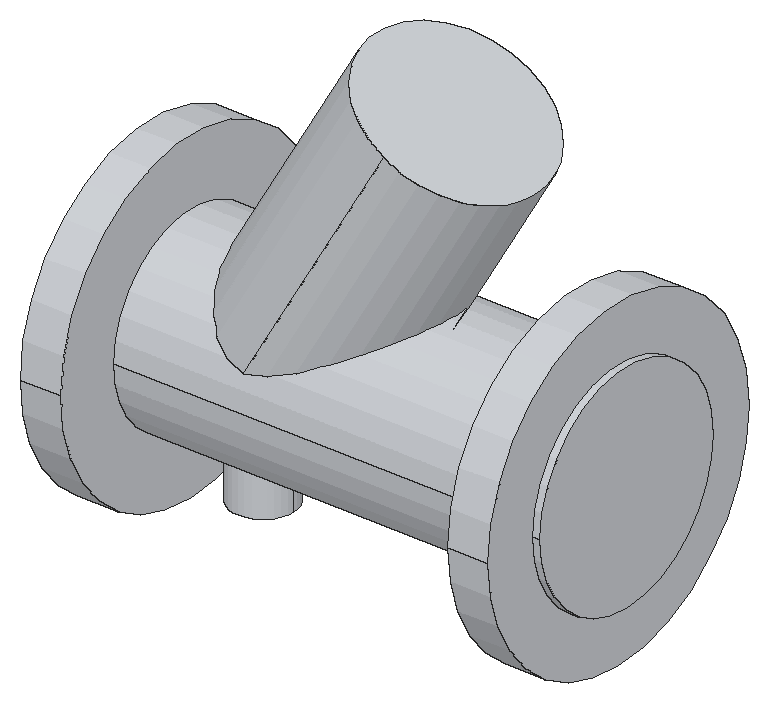
Revit family "HS 821-síto_standard-PN25-DN100-RFA_2019", category Pipe Accessories, Revit 2019
Family settings
  Round Connector Dimension = Use Diameter
  Part Type = Breaks Into
  Work Plane-Based = No
  Always vertical = Yes
  Cut with Voids When Loaded = No
  Shared = No
Parameters (values of type "821D-DN100-PN25-síto_standard")
  magiProductId = "175ca87a506b40b3bc6b82f12f33cf"
  magiProductFamilyId = "79214ac3aaa945e397802f559f5c1e"
  magiPartTypeId = 307
  isMeasuringValve [instance] = no
  ang2D [instance] = 0.00°
  ZB__ve = -ZB  # -37.25 mm
  ZB1 = 63.18 mm
  ZB = 37.25 mm
  X2 = 114.857 mm
  X1 = 49 mm
  W2D = 15 mm
  VersionID = "2.0/2017.9.26.1/ZETKAMA_821_001"
  Use Minimum Symbol Size [instance] = yes
  URL = "www.hydronic.cz"
  Type Comments = "Filtr přírubový; síto standardní; A-PN16 (-10~300°C); D-PN25 (-10~350°C); F-PN40 (-10~400°C)"
  S = 156 mm
  QmdConnectorList = "301;D;302;D"
  Productdata [instance] = ""
  Manufacturer = "Hydronic Systems Prague s.r.o."
  MC Product Code = "200 290 (821D; DN100; PN25; kvs209,6; oko síta 1,60mm)"
  LM1 = 28 mm
  LM = 280 mm
  L4 = 87.5 mm
  L2D_Min = 3048 mm
  L2D = 130 mm
  L2 = 175 mm
  HH2 = 198.937 mm
  FD = 235 mm
  Description = "Filtr přírubový; síto standardní; 821A-PN16; 821D-PN25; 821F-PN40"
  DM1 = 131.4 mm
  DM = 140.4 mm
  D = 100 mm
  CC = 5.95 mm
  CAT0 = yes
  C1 = 29.05 mm
  C = 35 mm
  BD = 44.226 mm
Types (40, lengths in mm): name | magiProductId | ZB__ve | ZB1 | ZB | X2 | X1 | S | MC Product Code | LM1 | LM | L4 | L2 | HH2 | FD | DM1 | DM | D | CC | C1 | C | BD
  821A-DN015-PN16-síto_standard | "a71bcfe8b393460598b23e8ddf7dc5" | -16.25 | 18.63 | 16.25 | 46.982 | 18.2 | 46 | "200 115 (821A; DN015; PN16; kvs6,3; oko síta 1,00mm)" | 10.4 | 104 | 32.5 | 65 | 81.375 | 95 | 27.6 | 41.4 | 15 | 2.21 | 10.79 | 13 | 13.041
  821A-DN020-PN16-síto_standard | "41cd6c7a12924f4991217528336076" | -17.75 | 22.68 | 17.75 | 51.673 | 21 | 56 | "200 120 (821A; DN020; PN16; kvs11,2; oko síta 1,00mm)" | 12 | 120 | 37.5 | 75 | 89.5 | 105 | 33.6 | 50.4 | 20 | 2.55 | 12.45 | 15 | 15.876
  821A-DN025-PN16-síto_standard | "be378b463ed14c3abf4c9b3ae8cf3a" | -19.25 | 26.325 | 19.25 | 58.601 | 22.4 | 65 | "200 125 (821A; DN025; PN16; kvs14,7; oko síta 1,00mm)" | 12.8 | 128 | 40 | 80 | 101.5 | 115 | 43.2 | 58.5 | 25 | 2.72 | 13.28 | 16 | 18.427
  821A-DN032-PN16-síto_standard | "227a0d18b21540afabe8b6067d35fa" | -23 | 30.78 | 23 | 68.849 | 25.2 | 76 | "200 132 (821A; DN032; PN16; kvs23,7; oko síta 1,00mm)" | 14.4 | 144 | 45 | 90 | 119.25 | 140 | 50.4 | 68.4 | 32 | 3.06 | 14.94 | 18 | 21.546
  821A-DN040-PN16-síto_standard | "d106917c74724141a10440112d0102" | -24.5 | 34.02 | 24.5 | 75.777 | 28 | 84 | "200 140 (821A; DN040; PN16; kvs37,7; oko síta 1,00mm)" | 16 | 160 | 50 | 100 | 131.25 | 150 | 60 | 75.6 | 40 | 3.4 | 16.6 | 20 | 23.814
  821A-DN050-PN16-síto_standard | "8255d456a09e4f6486734f5dd9171b" | -26.75 | 40.095 | 26.75 | 79.061 | 32.2 | 99 | "200 150 (821A; DN050 PN16; kvs57,9; oko síta 1,00mm)" | 18.4 | 184 | 57.5 | 115 | 136.938 | 165 | 73.8 | 89.1 | 50 | 3.91 | 19.09 | 23 | 28.066
  821A-DN065-PN16-síto_standard | "235b1b3e4c0843779a4d5e3716d40a" | -29.75 | 47.79 | 29.75 | 86.927 | 40.6 | 118 | "200 165 (821A; DN065; PN16; kvs101,5; oko síta 1,25mm)" | 23.2 | 232 | 72.5 | 145 | 150.562 | 185 | 94.2 | 106.2 | 65 | 4.93 | 24.07 | 29 | 33.453
  821A-DN080-PN16-síto_standard | "a067f7c5236348ed8c820d16df7214" | -32 | 53.46 | 32 | 104.753 | 43.4 | 132 | "200 180 (821A; DN080; PN16; kvs147,4; oko síta 1,25mm)" | 24.8 | 248 | 77.5 | 155 | 181.438 | 200 | 107.4 | 118.8 | 80 | 5.27 | 25.73 | 31 | 37.422
  821A-DN100-PN16-síto_standard | "c49a648c2747461285837d643703cd" | -35 | 63.18 | 35 | 114.857 | 49 | 156 | "200 190 (821A; DN100; PN16; kvs209,6; oko síta 1,60mm)" | 28 | 280 | 87.5 | 175 | 198.937 | 220 | 131.4 | 140.4 | 100 | 5.95 | 29.05 | 35 | 44.226
  821A-DN125-PN16-síto_standard | "bf68e728a163493cbd2a663b26ebdc" | -39.5 | 74.52 | 39.5 | 131.888 | 56 | 184 | "200 191 (821A; DN125; PN16; kvs326,2; oko síta 1,60mm)" | 32 | 320 | 100 | 200 | 228.438 | 250 | 165 | 165.6 | 125 | 6.8 | 33.2 | 40 | 52.164
  821A-DN150-PN16-síto_standard | "2de770284b654863ae6bc865769dc5" | -44.75 | 85.455 | 44.75 | 155.885 | 67.2 | 211 | "200 192 (821A; DN150; PN16; kvs403; oko síta 1,60mm)" | 38.4 | 384 | 120 | 240 | 270 | 285 | 192 | 189.9 | 150 | 8.16 | 39.84 | 48 | 59.818
  821A-DN200-PN16-síto_standard | "8e5693371ab64aabb29a7f08c76e15" | -53 | 107.73 | 53 | 188.361 | 84 | 266 | "200 193 (821A; DN200; PN16; kvs707; oko síta 1,60mm)" | 48 | 480 | 150 | 300 | 326.25 | 340 | 252 | 239.4 | 200 | 10.2 | 49.8 | 60 | 75.411
  821A-DN250-PN16-síto_standard | "05e37ed948c34047acdd4c42556504" | -62.75 | 129.195 | 62.75 | 255.911 | 102.2 | 319 | "200 194 (821A; DN250; PN16; kvs1234; oko síta 1,60mm)" | 58.4 | 584 | 182.5 | 365 | 443.25 | 405 | 309.6 | 287.1 | 250 | 12.41 | 60.59 | 73 | 90.436
  821A-DN300-PN16-síto_standard | "9ad0af747269428da925480d83ce80" | -71 | 149.85 | 71 | 325.914 | 119 | 370 | "200 195 (821A; DN300; PN16; kvs1916; oko síta 1,60mm)" | 68 | 680 | 212.5 | 425 | 564.5 | 460 | 369.6 | 333 | 300 | 14.45 | 70.55 | 85 | 104.895
  821A-DN350-PN16-síto_standard | "eebc71459bb3451bb4355e7951370a" | -80 | 173.745 | 80 | 356.875 | 137.2 | 429 | "200 196 (821A; DN350; PN16; kvs2621; oko síta 1,60mm)" | 78.4 | 784 | 245 | 490 | 618.125 | 520 | 438 | 386.1 | 350 | 16.66 | 81.34 | 98 | 121.621
  821A-DN400-PN16-síto_standard | "d2f677cb196647e385b2590e7d8abe" | -89 | 194.4 | 89 | 392.237 | 154 | 480 | "200 197 (821A; DN400; PN16; kvs3460; oko síta 1,60mm)" | 88 | 880 | 275 | 550 | 679.375 | 580 | 498 | 432 | 400 | 18.7 | 91.3 | 110 | 136.08
  821D-DN015-PN25-síto_standard | "27ddcbf555414f8ca1fde329bf9087" | -16.25 | 18.63 | 16.25 | 46.982 | 18.2 | 46 | "200 215 (821D; DN015; PN25; kvs6,3; oko síta 1,00mm)" | 10.4 | 104 | 32.5 | 65 | 81.375 | 95 | 27.6 | 41.4 | 15 | 2.21 | 10.79 | 13 | 13.041
  821D-DN020-PN25-síto_standard | "270e0f14012f47189cd0235c18faee" | -17.75 | 22.68 | 17.75 | 51.673 | 21 | 56 | "200 220 (821D; DN020; PN25; kvs11,2; oko síta 1,00mm)" | 12 | 120 | 37.5 | 75 | 89.5 | 105 | 33.6 | 50.4 | 20 | 2.55 | 12.45 | 15 | 15.876
  821D-DN025-PN25-síto_standard | "b9a7fb4aa36643878c637d8e1ab992" | -19.25 | 26.325 | 19.25 | 58.601 | 22.4 | 65 | "200 225 (821D; DN025; PN25; kvs14,7; oko síta 1,00mm)" | 12.8 | 128 | 40 | 80 | 101.5 | 115 | 43.2 | 58.5 | 25 | 2.72 | 13.28 | 16 | 18.427
  821D-DN032-PN25-síto_standard | "6be9a55c4e68400f94eec7e804204c" | -23 | 30.78 | 23 | 68.849 | 25.2 | 76 | "200 232 (821D; DN032; PN25; kvs23,7; oko síta 1,00mm)" | 14.4 | 144 | 45 | 90 | 119.25 | 140 | 50.4 | 68.4 | 32 | 3.06 | 14.94 | 18 | 21.546
  821D-DN040-PN25-síto_standard | "c54511bd7f584ec2984291479612cb" | -24.5 | 34.02 | 24.5 | 75.777 | 28 | 84 | "200 240 (821D; DN040; PN25; kvs37,7; oko síta 1,00mm)" | 16 | 160 | 50 | 100 | 131.25 | 150 | 60 | 75.6 | 40 | 3.4 | 16.6 | 20 | 23.814
  821D-DN050-PN25-síto_standard | "5483b1f596b04cd39b23a14a22c90e" | -26.75 | 40.095 | 26.75 | 79.061 | 32.2 | 99 | "200 250 (821D; DN050; PN25; kvs57,9; oko síta 1,00mm)" | 18.4 | 184 | 57.5 | 115 | 136.938 | 165 | 73.8 | 89.1 | 50 | 3.91 | 19.09 | 23 | 28.066
  821D-DN065-PN25-síto_standard | "767b0f8318e94750bc7a9930ed5b30" | -29.75 | 47.79 | 29.75 | 86.927 | 40.6 | 118 | "200 265 (821D; DN065; PN25; kvs101,5; oko síta 1,25mm)" | 23.2 | 232 | 72.5 | 145 | 150.562 | 185 | 94.2 | 106.2 | 65 | 4.93 | 24.07 | 29 | 33.453
  821D-DN080-PN25-síto_standard | "e21040fa3cc2404b858198f6b73709" | -32 | 53.46 | 32 | 104.753 | 43.4 | 132 | "200 280 (821D; DN080; PN25; kvs147,4; oko síta 1,25mm)" | 24.8 | 248 | 77.5 | 155 | 181.438 | 200 | 107.4 | 118.8 | 80 | 5.27 | 25.73 | 31 | 37.422
  821D-DN100-PN25-síto_standard | "175ca87a506b40b3bc6b82f12f33cf" | -37.25 | 63.18 | 37.25 | 114.857 | 49 | 156 | "200 290 (821D; DN100; PN25; kvs209,6; oko síta 1,60mm)" | 28 | 280 | 87.5 | 175 | 198.937 | 235 | 131.4 | 140.4 | 100 | 5.95 | 29.05 | 35 | 44.226
  821D-DN125-PN25-síto_standard | "77cc98d60da24855999a22dff726b2" | -42.5 | 74.52 | 42.5 | 131.888 | 56 | 184 | "200 291 (821D; DN125; PN25; kvs326,2; oko síta 1,60mm)" | 32 | 320 | 100 | 200 | 228.438 | 270 | 165 | 165.6 | 125 | 6.8 | 33.2 | 40 | 52.164
  821D-DN150-PN25-síto_standard | "9cf8acfcd15547d68e83172d3abcbe" | -47 | 85.455 | 47 | 155.885 | 67.2 | 211 | "200 292 (821D; DN150; PN25; kvs403; oko síta 1,60mm)" | 38.4 | 384 | 120 | 240 | 270 | 300 | 192 | 189.9 | 150 | 8.16 | 39.84 | 48 | 59.818
  821D-DN200-PN25-síto_standard | "16973f3c9ea14389ba8602495a6b64" | -56 | 110.97 | 56 | 188.361 | 84 | 274 | "200 293 (821D; DN200; PN25; kvs707; oko síta 1,60mm)" | 48 | 480 | 150 | 300 | 326.25 | 360 | 252 | 246.6 | 200 | 10.2 | 49.8 | 60 | 77.679
  821F-DN015-PN40-síto_standard | "4c7eaf3c4c0340888b3e684d8a8616" | -16.25 | 18.225 | 16.25 | 46.982 | 18.2 | 45 | "240 615 (821F; DN015; PN40; kvs6,3; oko síta 1,00mm)" | 10.4 | 104 | 32.5 | 65 | 81.375 | 95 | 27.6 | 40.5 | 15 | 2.21 | 10.79 | 13 | 12.757
  821F-DN020-PN40-síto_standard | "aaac5f1ec96b44d6ba96ac2293d66d" | -17.75 | 23.49 | 17.75 | 51.673 | 21 | 58 | "240 620 (821F; DN020; PN40; kvs11,2; oko síta 1,00mm)" | 12 | 120 | 37.5 | 75 | 89.5 | 105 | 33.6 | 52.2 | 20 | 2.55 | 12.45 | 15 | 16.443
  821F-DN025-PN40-síto_standard | "504768023968471481789485b54c7e" | -19.25 | 27.54 | 19.25 | 58.601 | 22.4 | 68 | "240 625 (821F; DN025; PN40; kvs14,7; oko síta 1,00mm)" | 12.8 | 128 | 40 | 80 | 101.5 | 115 | 43.2 | 61.2 | 25 | 2.72 | 13.28 | 16 | 19.278
  821F-DN032-PN40-síto_standard | "165e7f39cf744f329bdf1c400dad12" | -23 | 31.59 | 23 | 68.849 | 25.2 | 78 | "240 632 (821F; DN032; PN40; kvs23,7; oko síta 1,00mm)" | 14.4 | 144 | 45 | 90 | 119.25 | 140 | 50.4 | 70.2 | 32 | 3.06 | 14.94 | 18 | 22.113
  821F-DN040-PN40-síto_standard | "b8903f952089408fbf3a5a632bab1f" | -24.5 | 35.64 | 24.5 | 75.777 | 28 | 88 | "240 640 (821F; DN040; PN40; kvs37,7; oko síta 1,00mm)" | 16 | 160 | 50 | 100 | 131.25 | 150 | 60 | 79.2 | 40 | 3.4 | 16.6 | 20 | 24.948
  821F-DN050-PN40-síto_standard | "c451f97266fe48da8f879cb6a2bd44" | -26.75 | 41.31 | 26.75 | 79.061 | 32.2 | 102 | "240 650 (821F; DN050; PN40; kvs57,9; oko síta 1,00mm)" | 18.4 | 184 | 57.5 | 115 | 136.938 | 165 | 73.8 | 91.8 | 50 | 3.91 | 19.09 | 23 | 28.917
  821F-DN065-PN40-síto_standard | "dc9821e3f9b34e128f6a8c6b34c198" | -29.75 | 49.41 | 29.75 | 86.927 | 40.6 | 122 | "240 665 (821F; DN065; PN40; kvs101,5; oko síta 1,25mm)" | 23.2 | 232 | 72.5 | 145 | 150.562 | 185 | 94.2 | 109.8 | 65 | 4.93 | 24.07 | 29 | 34.587
  821F-DN080-PN40-síto_standard | "689aa1e260f84cf4994f027a1d86b5" | -32 | 55.89 | 32 | 104.753 | 43.4 | 138 | "240 680 (821F; DN080; PN40; kvs147,4; oko síta 1,25mm)" | 24.8 | 248 | 77.5 | 155 | 181.438 | 200 | 107.4 | 124.2 | 80 | 5.27 | 25.73 | 31 | 39.123
  821F-DN100-PN40-síto_standard | "8a45d4e8e2ab425f8c432f21d684f3" | -37.25 | 65.61 | 37.25 | 114.857 | 49 | 162 | "240 690 (821F; DN100; PN40; kvs209,6; oko síta 1,6mm)" | 28 | 280 | 87.5 | 175 | 198.937 | 235 | 131.4 | 145.8 | 100 | 5.95 | 29.05 | 35 | 45.927
  821F-DN125-PN40-síto_standard | "cf073904c006406b8645afa67ea2fc" | -42.5 | 76.14 | 42.5 | 131.888 | 56 | 188 | "240 691 (821F; DN125; PN40; kvs326,2; oko síta 1,6mm)" | 32 | 320 | 100 | 200 | 228.438 | 270 | 165 | 169.2 | 125 | 6.8 | 33.2 | 40 | 53.298
  821F-DN150-PN40-síto_standard | "0153b9ddabe14992a630484929fdbc" | -47 | 88.29 | 47 | 155.885 | 67.2 | 218 | "240 692 (821F; DN150; PN40; kvs403; oko síta 1,6mm)" | 38.4 | 384 | 120 | 240 | 270 | 300 | 192 | 196.2 | 150 | 8.16 | 39.84 | 48 | 61.803
  821F-DN200-PN40-síto_standard | "7fb3fc01dd8d42428c203e3f8dd4d5" | -56 | 115.425 | 56 | 188.361 | 84 | 285 | "240 693 (821F; DN200; PN40; kvs707; oko síta 1,6mm)" | 48 | 480 | 150 | 300 | 326.25 | 360 | 252 | 256.5 | 200 | 10.2 | 49.8 | 60 | 80.797
Reference planes
  plane 1 "Center (Front/Back)": y = 0
  plane 2 "XYPLANE": z = 0
  plane 3 "Center (Left/Right)": x = 0
  plane 4 "109": x = -112
  plane 5 "108": x = 140
  plane 6 "107": x = -140
  plane 7 "105": x = 175
  plane 8 "104": x = -175
  plane 9 "103": y = 0
  plane 10 "102": z = 0
  plane 11 "101": x = -169.05
  plane 12 "100": x = 169.05
  plane 13 "11": x = -63
  plane 14 "10": z = 198.937
  plane 15 "9": x = 51.857
  plane 16 "5": z = -63.18
  plane 17 "4": x = -87.5
  plane 18 "1": x = 87.5
Forms (mm)
  Extrusion 1, solid, visible <- "CAT0"
    sketch origin (-140, -750, 0) x (0, 1, 0) y (0, 0, 1)
      loop
        circle (750, 0) r 70.2
    from 0 to 280 <- "LM"
  Extrusion 2, solid
    sketch origin (-175, -750, 0) x (0, 1, 0) y (0, 0, 1)
      loop
        circle (750, 0) r 78
    from 0 to 5.95 <- "CC"
  Extrusion 3, solid
    sketch origin (-169.05, -750, 0) x (0, 1, 0) y (0, 0, 1)
      loop
        circle (750, 0) r 117.5
    from 0 to 29.05 <- "C1"
  Extrusion 4, solid
    sketch origin (140, -750, 0) x (0, 1, 0) y (0, 0, 1)
      loop
        circle (750, 0) r 117.5
    from 0 to 29.05 <- "C1"
  Extrusion 5, solid
    sketch origin (169.05, -750, 0) x (0, 1, 0) y (0, 0, 1)
      loop
        circle (750, 0) r 78
    from 0 to 5.95 <- "CC"
  Sweep 6, solid, visible <- "CAT0"
    path origin (750, 0, 0) x (-1, 0, 0) y (0, 0, 1)
      loop
        line (890, 0) -> (813, 0) -> (698.143, 198.937)
    profile origin (-140, 0, 0) x (0, 0, -1) y (0, 1, 0)
      loop
        circle (0, 0) r 65.7
  Extrusion 7, solid, visible <- "CAT0"
    sketch origin (-750, 0, -63.18) x (1, 0, 0) y (0, 1, 0)
      loop
        circle (662.5, 0) r 22.113
    from 0 to -37.25 <- "ZB__ve"
  Extrusion 8, solid, visible <- "CAT0"
    sketch origin (-750, 0, -63.18) x (1, 0, 0) y (0, 1, 0)
      loop
        circle (837.5, 0) r 22.113
    from 0 to -37.25 <- "ZB__ve"
  Extrusion 9, solid, not visible
    sketch origin (175, -750, 0) x (0, 1, 0) y (0, 0, 1)
      loop
        circle (750, 0) r 10
    from 0 to -10
  Extrusion 10, solid, not visible
    sketch origin (-175, -750, 0) x (0, 1, 0) y (0, 0, 1)
      loop
        circle (750, 0) r 10
    from 0 to 10
Lines and regions (mm)
  reference lines, not visible
    curve 1: circle (2, 2, 0) r 1 normal (0, 0, 1)
Dimensions and locks
  plane 1 "Center (Front/Back)" to curve 1 = 2 mm
  "LM1": plane 6 "107" to plane 4 "109"
  "LM": plane 6 "107" to plane 5 "108"
  "C": plane 8 "104" to plane 6 "107"
  "L2": plane 3 "Center (Left/Right)" to plane 7 "105"
  "L2": plane 3 "Center (Left/Right)" to plane 8 "104"
  locked: plane 1 "Center (Front/Back)" to plane 9 "103"
  locked: plane 2 "XYPLANE" to plane 10 "102"
  "CC": plane 8 "104" to plane 11 "101"
  "C1": plane 5 "108" to plane 12 "100"
  "X1": plane 4 "109" to plane 13 "11"
  "HH2": plane 2 "XYPLANE" to plane 14 "10"
  "X2": plane 13 "11" to plane 15 "9"
  "ZB1": plane 2 "XYPLANE" to plane 16 "5"
  "L4": plane 8 "104" to plane 17 "4"
  "L2": plane 17 "4" to plane 18 "1"
  Sweep 6 sketch curve to Sweep 6 sketch curve = 0 mm  (x2)
  "DM": diameter of Extrusion 1 sketch curve
  "S": diameter of Extrusion 2 sketch curve
  "FD": diameter of Extrusion 3 sketch curve
  "FD": diameter of Extrusion 4 sketch curve
  "S": diameter of Extrusion 5 sketch curve
  "DM1": diameter of Sweep 6 sketch curve
  "BD": diameter of Extrusion 7 sketch curve
  "BD": diameter of Extrusion 8 sketch curve
  aligned and locked: level to plane 2 "XYPLANE"
  aligned and locked: Extrusion 1 sketch curve to plane 9 "103"
  aligned and locked: plane 10 "102" to Extrusion 1 sketch curve
  aligned and locked: Extrusion 2 sketch curve to plane 9 "103"
  aligned and locked: plane 10 "102" to Extrusion 2 sketch curve
  aligned and locked: Extrusion 3 sketch curve to plane 9 "103"
  aligned and locked: plane 10 "102" to Extrusion 3 sketch curve
  aligned and locked: Extrusion 4 sketch curve to plane 9 "103"
  aligned and locked: plane 10 "102" to Extrusion 4 sketch curve
  aligned and locked: Extrusion 5 sketch curve to plane 9 "103"
  aligned and locked: plane 10 "102" to Extrusion 5 sketch curve
  aligned and locked: Sweep 6 sketch curve to plane 9 "103"
  aligned and locked: plane 10 "102" to Sweep 6 sketch curve  (x3)
  aligned and locked: plane 6 "107" to Sweep 6 sketch curve
  aligned and locked: plane 13 "11" to Sweep 6 sketch curve
  aligned and locked: plane 14 "10" to Sweep 6 sketch curve
  aligned and locked: plane 15 "9" to Sweep 6 sketch curve
  aligned and locked: plane 9 "103" to Extrusion 7 sketch curve
  aligned and locked: plane 17 "4" to Extrusion 7 sketch curve
  aligned and locked: plane 9 "103" to Extrusion 8 sketch curve
  aligned and locked: plane 18 "1" to Extrusion 8 sketch curve
  aligned and locked: Extrusion 9 sketch curve to plane 9 "103"
  aligned and locked: plane 10 "102" to Extrusion 9 sketch curve
  aligned and locked: Extrusion 10 sketch curve to plane 9 "103"
  aligned and locked: plane 10 "102" to Extrusion 10 sketch curve
Automatic sketch dimensions
  plane 1 "Center (Front/Back)" to Extrusion 9 sketch curve = 10 mm
  plane 1 "Center (Front/Back)" to Extrusion 10 sketch curve = 10 mm
  plane 3 "Center (Left/Right)" to curve 1 = 2 mm
  radius of curve 1 = 1 mm
Connectors
  piping at (-175, 0, 0), diameter 100, driven by "D"
    settings: on Extrusion 10, index 1, connector inside diameter 609.6 mm, connector length 0 mm, flow factor 0, pipe flow 0.0 L/s, pressure drop 0.0 Pa, fitting loss kfactor 0, connector angle 0.00°, fixture units 0, engagement length 0 mm, angle of deflection 0.00°, flow configuration 0, flow direction 0, fitting loss method 0, system type 29, joint type 0, gender type 0, connector reference index 2, connector utility 0, adjustable connector no, is connector primary yes, connector description ""
  piping at (175, 0, 0), diameter 100, driven by "D"
    settings: on Extrusion 9, index 2, connector inside diameter 609.6 mm, connector length 0 mm, flow factor 0, pipe flow 0.0 L/s, pressure drop 0.0 Pa, fitting loss kfactor 0, connector angle 0.00°, fixture units 0, engagement length 0 mm, angle of deflection 0.00°, flow configuration 0, flow direction 0, fitting loss method 0, system type 29, joint type 0, gender type 0, connector reference index 1, connector utility 0, adjustable connector no, is connector primary no, connector description ""
